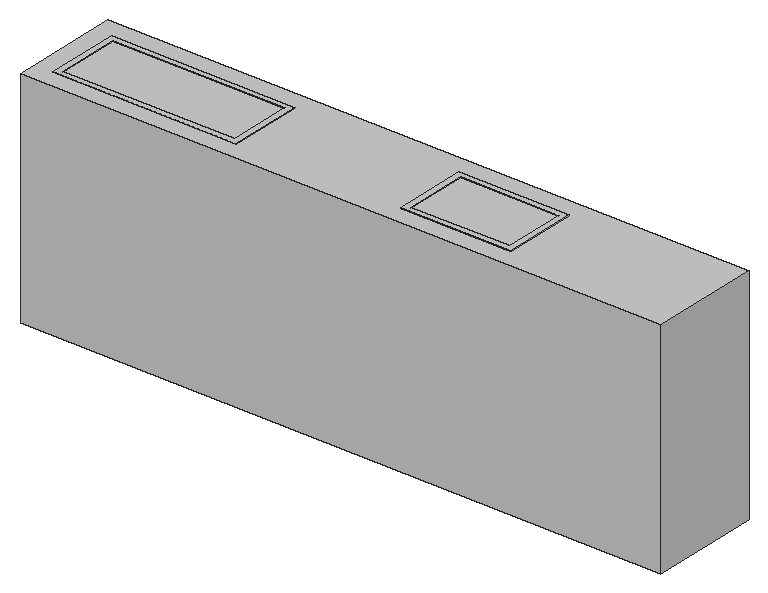
Revit family "PREF_Шахтпакет", category Шкафы, Revit 2021
Family settings
  На основе рабочей плоскости = Нет
  Всегда вертикально = Да
  При загрузке вырезать с полостями = Нет
  Общий = Нет
  Точка принадлежности помещению = Нет
Parameters (values of type "Шахтпакет двойной + К_Тех этаж")
  Шахтпакет_Цвет = Инженерная ниша
  Шахтпакет 2 = not(Шахтпакет 1)  # yes
  Шахтпакет 1 = no
  Отметка по умолчанию = 0 mm
  ADSK_Размер_Длина = 1750 mm
  ADSK_Размер_Высота = 610 mm
Types (3, lengths in mm): name | Шахтпакет 2 | Шахтпакет 1 | ADSK_Размер_Длина | ADSK_Размер_Высота
  Шахтпакет одинарный + К | no | yes | 1000 | 2820
  Шахтпакет двойной + К | yes | no | 1750 | 2820
  Шахтпакет двойной + К_Тех этаж | yes | no | 1750 | 610
Reference planes
  plane 1 "По центру (Вперед/Назад)": y = 0
  plane 2: z = 0
  plane 3 "По центру (Влево/Вправо)": x = 0
  plane 4 "11": z = 610
  plane 5: x = -1750
  plane 6: x = -800
  plane 7: x = -950
Forms (mm)
  Extrusion 1, solid, material "Инженерная ниша" <- "Шахтпакет_Цвет"
    sketch origin (0, 0, 0) x (1, 0, 0) y (0, 1, 0)
      loop
        line (-1750, 150) -> (-1750, -150) -> (0, -150) -> (0, 150) -> (-1750, 150)
    from 0 to 610
Lines and regions (mm)
  model lines, visible <- "Шахтпакет 2"
    curve 1: line (-950, -150, 610) -> (-800, -150, 610)
    curve 2: line (-950, 150, 610) -> (-800, 150, 610)
Dimensions and locks
  plane 3 "По центру (Влево/Вправо)" to nested 1 = 0 mm
  nested 1 to nested 1 = 300 mm
  Extrusion 1 sketch curve to Extrusion 1 sketch curve = 300 mm
  equal spacing: Extrusion 1 sketch curve, plane 1 "По центру (Вперед/Назад)", Extrusion 1 sketch curve
  "ADSK_Размер_Высота": plane 4 "11" to plane 2
  "ADSK_Размер_Длина": plane 5 to plane 3 "По центру (Влево/Вправо)"
  locked: plane 6 to plane 7 at 150
  plane 7 to plane 6 = 150 mm
  aligned and locked: level to plane 2
  aligned and locked: plane 1 "По центру (Вперед/Назад)" to nested 2
  aligned and locked: plane 1 "По центру (Вперед/Назад)" to nested 1
  aligned and locked: plane 4 "11" to nested 2
  aligned and locked: plane 4 "11" to nested 3
  aligned and locked: plane 4 "11" to nested 1
  aligned and locked: nested 3 to plane 5
  aligned and locked: nested 2 to plane 5
  aligned and locked: nested 1 to plane 6
  aligned and locked: plane 5 to Extrusion 1
  aligned and locked: plane 3 "По центру (Влево/Вправо)" to Extrusion 1
  aligned and locked: plane 4 "11" to Extrusion 1
  aligned and locked: plane 7 to curve 2
  aligned and locked: plane 7 to curve 1
  aligned and locked: plane 6 to curve 2
  aligned and locked: plane 6 to curve 1
Automatic sketch dimensions
  Extrusion 1 sketch curve to plane 3 "По центру (Влево/Вправо)" = 1750 mm
  Extrusion 1 sketch curve to plane 3 "По центру (Влево/Вправо)" = 0 mm
  curve 2 to plane 1 "По центру (Вперед/Назад)" = 150 mm
  plane 1 "По центру (Вперед/Назад)" to curve 1 = 150 mm
Nested families
  nested 1: "Шахтпакет" at (-800, 0, 610), visible <- "Шахтпакет 2", Высота шахты <- "ADSK_Размер_Высота", type "Тип 2_800х300"
    with Канализация yes, Высота шахты 610 mm
  nested 2: "Шахтпакет" at (-1750, 0, 610), visible <- "Шахтпакет 2", Высота шахты <- "ADSK_Размер_Высота", type "Тип 3_800х300_Без К"
    with Канализация no, Высота шахты 610 mm
  nested 3: "Шахтпакет" at (-1750, 0, 610), visible <- "Шахтпакет 1", Высота шахты <- "ADSK_Размер_Высота", type "Тип 1_1000х300"
    with Канализация yes, Высота шахты 610 mm
Definition of nested family "Шахтпакет"
  Parameters (values of type "Тип 1_1000х300")
    Шахпакет_Цвет = none
    Default Elevation = 0 mm
    Канализация_Диаметр = 110 mm
    Канализация [instance] = yes
    Высота шахты [instance] = 2820 mm
    Венткороб_Ширина = 200 mm
    Венткороб 1_Длина = 500 mm
    Венткороб 2_Длина = 100 mm
    ADSK_Размер_Длина = 1000 mm
  Types (3, lengths in mm): name | Канализация | Венткороб 1_Длина | ADSK_Размер_Длина
    Тип 1_1000х300 | yes | 500 | 1000
    Тип 2_800х300 | yes | 300 | 800
    Тип 3_800х300_Без К | no | 500 | 800
  Reference planes
    plane 1 "По центру (Вперед/Назад)": y = 0
    plane 2: z = 0
    plane 3 "По центру (Влево/Вправо)": x = 0
    plane 4: y = 150
    plane 5: x = 1000
    plane 6: y = -150
    plane 7 "11": z = 10
    plane 8: z = -2820
  Forms (mm)
    Extrusion 1, solid, material <- "Шахпакет_Цвет"
      sketch origin (0, 0, 0) x (1, 0, 0) y (0, 1, 0)
        loop
          line (50, 100) -> (50, -100) -> (550, -100) -> (550, 100) -> (50, 100)
        loop
          line (65, 85) -> (65, -85) -> (535, -85) -> (535, 85) -> (65, 85)
      from 0 to -2820
  Lines and regions (mm)
    model lines
      curve 1: line (0, 150, 0) -> (1000, 150, 0)
      curve 2: line (0, -150, 0) -> (0, 150, 0)
      curve 3: line (1000, -150, 0) -> (0, -150, 0)
      curve 4: line (1000, 150, 0) -> (1000, -150, 0)
  Dimensions and locks
    "ADSK_Размер_Длина": plane 3 "По центру (Влево/Вправо)" to plane 5
    equal spacing: plane 6, plane 1 "По центру (Вперед/Назад)", plane 4
    plane 4 to plane 6 = 300 mm
    locked: nested 2 to plane 5 at 95
    locked: plane 3 "По центру (Влево/Вправо)" to nested 1 at 50
    plane 7 "11" to plane 2 = 10 mm
    locked: nested 1 to nested 3 at 100
    "Высота шахты": plane 8 to plane 2
    aligned and locked: level to plane 2
    aligned and locked: plane 1 "По центру (Вперед/Назад)" to nested 1
    aligned and locked: plane 1 "По центру (Вперед/Назад)" to nested 2
    aligned and locked: curve 1 to plane 4
    aligned and locked: plane 3 "По центру (Влево/Вправо)" to curve 2
    aligned and locked: curve 3 to plane 6
    aligned and locked: curve 4 to plane 5
    aligned and locked: Extrusion 1 sketch curve to nested 1  (x4)
    aligned and locked: plane 2 to Extrusion 1
    aligned and locked: Extrusion 1 to plane 8
  Automatic sketch dimensions
    Extrusion 1 sketch curve to Extrusion 1 sketch curve = 15 mm  (x4)
  Nested families
    nested 1: "Обозначение вентшахты" at (50, 0, 10), ADSK_Размер_Длина <- "Венткороб 1_Длина", ADSK_Размер_Ширина <- "Венткороб_Ширина", type "Обозначение вентшахты"
      with УГО_200х100 yes, УГО no, ADSK_Размер_Ширина 200 mm, ADSK_Размер_Длина 500 mm
    nested 2: "Обозначение вентшахты(1й этаж)" at (905, 0, 10), Канализация_Диаметр <- "Канализация_Диаметр", visible <- "Канализация", type "Обозначение вентшахты (1й этаж)"
      with Канализация_Диаметр 110 mm
    nested 3: "Обозначение вентшахты" at (650, 0, 10), ADSK_Размер_Длина <- "Венткороб 2_Длина", ADSK_Размер_Ширина <- "Венткороб_Ширина", type "Обозначение вентшахты"
      with УГО no, ADSK_Размер_Ширина 200 mm, ADSK_Размер_Длина 100 mm
  Definition of nested family "Обозначение вентшахты"
    Parameters (values of type "Обозначение вентшахты")
      УГО_200х100 [instance] = yes
      УГО [instance] = yes
      ADSK_Размер_Ширина [instance] = 200 mm
      ADSK_Размер_Длина [instance] = 100 mm
    Reference planes
      plane 1 "По центру (Вперед/Назад)": y = 0
      plane 2: z = 0
      plane 3 "По центру (Влево/Вправо)": x = 0
      plane 4: x = 100
      plane 5: y = -100
      plane 6: y = 100
    Lines and regions (mm)
      detail lines, in view "Опорный уровень"
        curve 1: line (0, 100, 0) -> (100, 100, 0)
        curve 2: line (0, -100, 0) -> (0, 100, 0)
        curve 3: line (100, -100, 0) -> (0, -100, 0)
        curve 4: line (100, 100, 0) -> (100, -100, 0)
      detail lines, in view "Опорный уровень", visible <- "УГО_200х100"
        curve 5: line (0, -100, 0) -> (34.867, 51.027, 0)
        curve 6: line (34.867, 51.027, 0) -> (100, 100, 0)
    Dimensions and locks
      equal spacing: plane 6, plane 1 "По центру (Вперед/Назад)", plane 5
      "ADSK_Размер_Ширина": plane 6 to plane 5
      "ADSK_Размер_Длина": plane 3 "По центру (Влево/Вправо)" to plane 4
      aligned and locked: curve 1 to plane 6
      aligned and locked: plane 5 to curve 3
      aligned and locked: plane 3 "По центру (Влево/Вправо)" to curve 2
      aligned and locked: curve 4 to plane 4
    Automatic sketch dimensions
      plane 3 "По центру (Влево/Вправо)" to curve 6 = 34.867 mm
      curve 5 to plane 6 = 48.973 mm
  Definition of nested family "Обозначение вентшахты(1й этаж)"
    Parameters (values of type "Канализационная труба")
      Канализация_Диаметр [instance] = 160 mm
    Types (2): name
      Канализационная труба
      Обозначение вентшахты (1й этаж)
    Reference planes
      plane 1 "По центру (Вперед/Назад)": y = 0
      plane 2: z = 0
      plane 3 "По центру (Влево/Вправо)": x = 0
      plane 4: x = 0
    Lines and regions (mm)
      detail lines, in view "Опорный уровень"
        curve 1: circle (0, 0, 0) r 80 normal (0, 0, 1)
        curve 2: line (-26.575, -75.457, 0) -> (49.908, 62.523, 0)
      reference lines, in view "Опорный уровень"
        curve 3: line (0, 300, 0) -> (0, -300, 0)
    Dimensions and locks
      "Канализация_Диаметр": diameter of curve 1
    Automatic sketch dimensions
      curve 3 to plane 3 "По центру (Влево/Вправо)" = 0 mm
      plane 1 "По центру (Вперед/Назад)" to curve 3 = 300 mm
      curve 3 to plane 1 "По центру (Вперед/Назад)" = 300 mm
      plane 1 "По центру (Вперед/Назад)" to curve 1 = 0 mm
      curve 1 to plane 3 "По центру (Влево/Вправо)" = 0 mm
      curve 2 to plane 3 "По центру (Влево/Вправо)" = 26.575 mm
      plane 3 "По центру (Влево/Вправо)" to curve 2 = 49.908 mm
